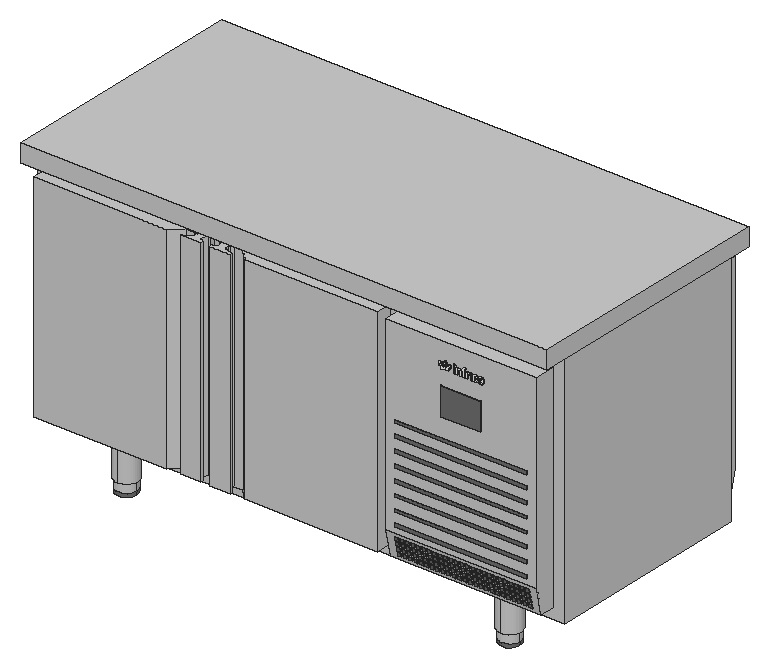
Revit family "QF_INFRICO_BMGN1470PDC_250808012806", category Specialty Equipment, Revit 2021 (continued)
Definition of nested family "QF_INFRICO_BMGNPDC_DOOR_SX_6554"
  Forms (mm)
    Extrusion 1, solid
      sketch origin (2981.326, -698.02, -168.61) x (-1, 0, 0) y (0, -1, 0)
        loop
          arc (2545.222, -672.896) -> (2545.582, -671.631) -> (2546.663, -670.881) r 1.95
          line (2546.663, -670.881) -> (2557.604, -667.95) -> (2580.356, -667.95) -> (2610.426, -698.02)
      from 168.61 to 765.61
    Extrusion 2, solid, visible <- "Show Clearance", detail levels coarse
      sketch origin (0, -44, 0) x (1, 0, 0) y (0, 1, 0)
        loop
          line (0, 44) -> (467, 44)
          arc (467, 44) -> (343.106, 343.106) -> (44, 467) r 423
          line (44, 467) -> (0, 467) -> (0, 44)
      from 0 to 597
  Lines and regions (mm)
    symbolic lines
      curve 1: arc (466.617, 18, 0) -> (336.673, 305.404, 0) -> (44, 423, 0) r 423
      curve 2: line (0, 423, 0) -> (0, 18, 0)
      curve 3: line (44, 423, 0) -> (0, 423, 0)
  Dimensions and locks
    plane 4 "Right" to plane 3 "Left" = 467 mm
    plane 6 "Top" to level = 597 mm  (x2)
    plane 1 "Back" to plane 5 "Front" = 44 mm  (x2)
    plane 3 "Left" to plane 4 "Right" = 467 mm
    aligned and locked: level to plane 2
Definition of nested family "QF_INFRICO_BMGNPDC_DOOR_DX_7331"
  Parameters (values of type "BMGNPDC_DOOR_DX")
    Weight [instance] = 0.00 kg
    Warranty Start Date [instance] = ""
    Warranty Duration [instance] = ""
    URL Cutsheet [instance] = ""
    URL = "www.infrico.com"
    Technical Documentation [instance] = ""
    Tag Number [instance] = ""
    Status [instance] = ""
    Specification by User [instance] = ""
    Specification by Manufacturer [instance] = ""
    Sound Level [instance] = ""
    Solid Fuel Type [instance] = ""
    Show Logo [instance] = yes
    Show Clearances [instance] = yes
    Show Clearance [instance] = yes
    Service Life Duration [instance] = ""
    Serial Number [instance] = ""
    Seismic Rating [instance] = ""
    SMACNA No [instance] = ""
    Revision Code [instance] = ""
    Revision [instance] = ""
    Production Year [instance] = ""
    Point Load [instance] = 0
    Other Equipment Approvals [instance] = ""
    NAFEM Spec ID Number [instance] = ""
    Model Warning [instance] = ""
    Model = "BMGNPDC_DOOR_DX"
    Masterspec [instance] = ""
    Manufacturer = "INFRICO"
    Length Actual [instance] = 0 mm
    Item Number [instance] = ""
    Installed By [instance] = ""
    Installation Date [instance] = ""
    Identify Quantity as Lot [instance] = yes
    ID [instance] = ""
    Hygiene Approval [instance] = ""
    Height Actual [instance] = 0 mm
    Furnished By [instance] = ""
    Foodservice Equipment Identifier [instance] = yes
    ETL Approved [instance] = yes
    Description = "RIGHT DOOR PASS THRU"
    Depth Actual [instance] = 0 mm
    Default Elevation = 0 mm
    CSI MasterFormat [instance] = ""
    CE Approved [instance] = yes
    Barcode [instance] = ""
    Author [instance] = ""
    Asset Identifier [instance] = ""
    Assembly Code = "E1090320"
    Accessory [instance] = yes
  Reference planes
    plane 1 "Back": y = 0
    plane 2: z = 0
    plane 3 "Left": x = 0
    plane 4 "Right": x = 467
    plane 5 "Front": y = -44
    plane 6 "Top": z = 597
  Forms (mm)
    Extrusion 1, solid
      sketch origin (-2514.326, -698.02, -168.61) x (1, 0, 0) y (0, 1, 0)
        loop
          line (2610.426, 698.02) -> (2580.356, 667.95) -> (2557.604, 667.95) -> (2546.663, 670.881)
          arc (2546.663, 670.881) -> (2545.582, 671.631) -> (2545.222, 672.896) r 1.95
          line (2545.222, 672.896) -> (2545.566, 682.741)
          arc (2545.566, 682.741) -> (2545.774, 683.563) -> (2546.304, 684.224) r 2.001
          line (2546.304, 684.224) -> (2571.566, 694.947) -> (2571.566, 698.02) -> (2514.326, 698.02) -> (2514.326, 690.261) -> (2526.525, 683.218) -> (2521.592, 664.81) -> (2514.279, 664.81) -> (2514.279, 654.02) -> (2981.326, 654.02) -> (2981.326, 698.02) -> (2610.426, 698.02)
      from 168.61 to 765.61
    Extrusion 2, solid, visible <- "Show Clearance", detail levels coarse
      sketch origin (467, -44, 0) x (-1, 0, 0) y (0, -1, 0)
        loop
          line (0, -44) -> (0, -467) -> (44, -467)
          arc (44, -467) -> (343.106, -343.106) -> (467, -44) r 423
          line (467, -44) -> (0, -44)
      from 0 to 597
  Lines and regions (mm)
    symbolic lines
      curve 1: arc (0.383, 18, 0) -> (130.327, 305.404, 0) -> (423, 423, 0) r 423
      curve 2: line (467, 423, 0) -> (467, 18, 0)
      curve 3: line (423, 423, 0) -> (467, 423, 0)
  Dimensions and locks
    plane 4 "Right" to plane 3 "Left" = 467 mm
    plane 6 "Top" to level = 597 mm  (x2)
    plane 1 "Back" to plane 5 "Front" = 44 mm  (x2)
    plane 3 "Left" to plane 4 "Right" = 467 mm
    aligned and locked: level to plane 2
Definition of nested family "QF_INFRICO_WORKTOP_8108"
  Parameters (values of type "WRKT20_30")
    Weight [instance] = 0.00 kg
    Warranty Start Date [instance] = ""
    Warranty Duration [instance] = ""
    URL Cutsheet [instance] = ""
    URL = "www.infrico.com"
    Technical Documentation [instance] = ""
    Tag Number [instance] = ""
    Status [instance] = ""
    Specification by User [instance] = ""
    Specification by Manufacturer [instance] = ""
    Sound Level [instance] = ""
    Solid Fuel Type [instance] = ""
    Show Logo [instance] = yes
    Show Clearances [instance] = yes
    Show Clearance [instance] = yes
    Service Life Duration [instance] = ""
    Serial Number [instance] = ""
    Seismic Rating [instance] = ""
    SMACNA No [instance] = ""
    Revision Code [instance] = ""
    Revision [instance] = ""
    Production Year [instance] = ""
    Point Load [instance] = 0
    Other Equipment Approvals [instance] = ""
    NAFEM Spec ID Number [instance] = ""
    Model Warning [instance] = ""
    Model = "WRKT20_30"
    Masterspec [instance] = ""
    Manufacturer = "INFRICO"
    Length Actual [instance] = 0 mm
    Length = 1960 mm
    Item Number [instance] = ""
    Installed By [instance] = ""
    Installation Date [instance] = ""
    Identify Quantity as Lot [instance] = yes
    ID [instance] = ""
    Hygiene Approval [instance] = ""
    Height Actual [instance] = 0 mm
    Furnished By [instance] = ""
    Foodservice Equipment Identifier [instance] = yes
    ETL Approved [instance] = yes
    Description = "WORKTOP WHITOUT BACKSPLASH 2000_300"
    Depth Actual [instance] = 0 mm
    Depth = 300 mm
    Default Elevation = 0 mm
    CSI MasterFormat [instance] = ""
    CE Approved [instance] = yes
    Barcode [instance] = ""
    Author [instance] = ""
    Asset Identifier [instance] = ""
    Assembly Code = "E1090320"
    Accessory [instance] = yes
  Types (38, lengths in mm): name | Model | Length | Description | Depth
    ENC12SPGN19 | "ENC12SPGN19" | 1960 | "WORKTOP WITHOUT BACKSPLASH" | 700
    ENC12SPGN14 | "ENC12SPGN14" | 1468 | "WORKTOP WITHOUT BACKSPLASH" | 700
    ENC12SPGN24 | "ENC12SPGN24" | 2452 | "WORKTOP WITHOUT BACKSPLASH" | 700
    ENC12SPGN14R | "ENC12SPGN14R" | 1160 | "WORKTOP WITHOUT BACKSPLASH" | 700
    ENC12SPGN19R | "ENC12SPGN19R" | 1652 | "WORKTOP WITHOUT BACKSPLASH" | 700
    ENC12SPGN24R | "ENC12SPGN24R" | 2144 | "WORKTOP WITHOUT BACKSPLASH" | 700
    ENC12SPBM20 | "ENC12SPBM20" | 1960 | "WORKTOP WITHOUT BACKSPLASH" | 600
    ENC12SPBM15 | "ENC12SPBM15" | 1468 | "WORKTOP WITHOUT BACKSPLASH" | 600
    ENC12SPBM25 | "ENC12SPBM25" | 2452 | "WORKTOP WITHOUT BACKSPLASH" | 600
    ENC12SPBM15R | "ENC12SPBM15R" | 1160 | "WORKTOP WITHOUT BACKSPLASH" | 600
    ENC12SPBM20R | "ENC12SPBM20R" | 1652 | "WORKTOP WITHOUT BACKSPLASH" | 600
    ENC12SPMR16 | "ENC12SPMR16" | 1618 | "WORKTOP WITHOUT BACKSPLASH" | 800
    ENC12SPMR21 | "ENC12SPMR21" | 2185 | "WORKTOP WITHOUT BACKSPLASH" | 800
    ENC12SPMR27 | "ENC12SPMR27" | 2752 | "WORKTOP WITHOUT BACKSPLASH" | 800
    ENC12SPMR16R | "ENC12SPMR16R" | 1310 | "WORKTOP WITHOUT BACKSPLASH" | 800
    ENC12SPMR21R | "ENC12SPMR21R" | 1877 | "WORKTOP WITHOUT BACKSPLASH" | 800
    ENC12SPMR27R | "ENC12SPMR27R" | 2444 | "WORKTOP WITHOUT BACKSPLASH" | 800
    ENC12SPBM25R | "ENC12SPBM25R" | 2144 | "WORKTOP WITHOUT BACKSPLASH" | 600
    ENC12SPMS20 | "ENC12SPMS20" | 2000 | "WORKTOP WITHOUT BACKSPLASH" | 700
    ENC12SPMS24 | "ENC12SPMS24" | 2400 | "WORKTOP WITHOUT BACKSPLASH" | 700
    ENC12SPMS10 | "ENC12SPMS10" | 1000 | "WORKTOP WITHOUT BACKSPLASH" | 700
    ENC12SPMS14 | "ENC12SPMS14" | 1400 | "WORKTOP WITHOUT BACKSPLASH" | 700
    ENC12SPMS16 | "ENC12SPMS16" | 1600 | "WORKTOP WITHOUT BACKSPLASH" | 700
    ENC12SPME10 | "ENC12SPME10" | 978 | "WORKTOP WITHOUT BACKSPLASH" | 700
    ENC12SPME14 | "ENC12SPME14" | 1460 | "WORKTOP WITHOUT BACKSPLASH" | 700
    WRKT10_30 | "WRKT10_30" | 1000 | "WORKTOP WHITOUT BACKSPLASH 1000_300" | 300
    WRKT10_60 | "WRKT10_60" | 1000 | "WORKTOP WHITOUT BACKSPLASH 1000_600" | 600
    WRKT15_30 | "WRKT15_30" | 1468 | "WORKTOP WHITOUT BACKSPLASH 1500_300" | 300
    WRKT15_60 | "WRKT15_60" | 1468 | "WORKTOP WHITOUT BACKSPLASH 1500_600" | 600
    WRKT20_30 | "WRKT20_30" | 1960 | "WORKTOP WHITOUT BACKSPLASH 2000_300" | 300
    WRKT20_60 | "WRKT20_60" | 1960 | "WORKTOP WHITOUT BACKSPLASH 2000_600" | 600
    WRKT25_30 | "WRKT25_30" | 2452 | "WORKTOP WHITOUT BACKSPLASH 2500_300" | 300
    WRKT25_60 | "WRKT25_60" | 2452 | "WORKTOP WHITOUT BACKSPLASH 2500_600" | 600
    WRKT15_60_MT | "WRKT15_60_MT" | 1500 | "WORKTOP WHITOUT BACKSPLASH 1500_600" | 600
    WRKT15_70_MT | "WRKT15_70_MT" | 1500 | "WORKTOP WHITOUT BACKSPLASH 1500_700" | 700
    WRKT20_70_MT | "WRKT20_70_MT" | 2000 | "WORKTOP WHITOUT BACKSPLASH 2000_700" | 700
    WRKT20_60_MT | "WRKT20_60_MT" | 2000 | "WORKTOP WHITOUT BACKSPLASH 2000_600" | 600
    WRKT10_70_MT | "WRKT10_70_MT" | 1000 | "WORKTOP WHITOUT BACKSPLASH 1000_700" | 700
  Reference planes
    plane 1 "Back": y = 0
    plane 2: z = 0
    plane 3 "Left": x = 0
    plane 4 "Right": x = 1960
    plane 5 "Front": y = -300
    plane 6 "Top": z = 50
  Forms (mm)
    Extrusion 1, solid
      sketch origin (0, 0, -800) x (0, 1, 0) y (0, 0, 1)
        loop
          line (0, 850) -> (-300, 850) -> (-300, 800) -> (0, 800) -> (0, 850)
      from 0 to 1960
  Lines and regions (mm)
    symbolic lines
      curve 1: line (1960, 0, 0) -> (0, 0, 0)
      curve 2: line (0, 0, 0) -> (0, -300, 0)
      curve 3: line (0, -300, 0) -> (1960, -300, 0)
      curve 4: line (1960, -300, 0) -> (1960, 0, 0)
  Dimensions and locks
    plane 4 "Right" to plane 3 "Left" = 1960 mm
    plane 6 "Top" to level = 50 mm
    plane 1 "Back" to plane 5 "Front" = 300 mm
    "Length": plane 3 "Left" to plane 4 "Right"
    "Depth": plane 1 "Back" to plane 5 "Front"
    aligned and locked: level to plane 2
    aligned and locked: Extrusion 1 to plane 4 "Right"
  Automatic sketch dimensions
    plane 1 "Back" to curve 1 = 0 mm
    curve 1 to plane 3 "Left" = 0 mm
    curve 3 to plane 4 "Right" = 0 mm
    curve 3 to plane 5 "Front" = 0 mm
    Extrusion 1 sketch curve to plane 5 "Front" = 0 mm
    Extrusion 1 sketch curve to level = 0 mm
    Extrusion 1 sketch curve to plane 1 "Back" = 0 mm
    Extrusion 1 sketch curve to plane 6 "Top" = 0 mm
Definition of nested family "QF_INFRICO_LEGS_8952"
  Parameters (values of type "LEGS_2190_740")
    Weight [instance] = 0.00 kg
    Warranty Start Date [instance] = ""
    Warranty Duration [instance] = ""
    URL Cutsheet [instance] = ""
    URL = "www.infrico.com"
    Technical Documentation [instance] = ""
    Tag Number [instance] = ""
    Status [instance] = ""
    Specification by User [instance] = ""
    Specification by Manufacturer [instance] = ""
    Sound Level [instance] = ""
    Solid Fuel Type [instance] = ""
    Show Logo [instance] = yes
    Show Clearances [instance] = yes
    Show Clearance [instance] = yes
    Service Life Duration [instance] = ""
    Serial Number [instance] = ""
    Seismic Rating [instance] = ""
    SMACNA No [instance] = ""
    Revision Code [instance] = ""
    Revision [instance] = ""
    Production Year [instance] = ""
    Point Load [instance] = 0
    Other Equipment Approvals [instance] = ""
    NAFEM Spec ID Number [instance] = ""
    Model Warning [instance] = ""
    Model = "LEGS_2190_740"
    Masterspec [instance] = ""
    Manufacturer = "INFRICO"
    Length Actual [instance] = 0 mm
    Length = 2185 mm
    Item Number [instance] = ""
    Installed By [instance] = ""
    Installation Date [instance] = ""
    Identify Quantity as Lot [instance] = yes
    ID [instance] = ""
    Hygiene Approval [instance] = ""
    Height Actual [instance] = 0 mm
    Height = 140 mm
    Furnished By [instance] = ""
    Foodservice Equipment Identifier [instance] = yes
    ETL Approved [instance] = yes
    Description = "LEGS"
    Depth Actual [instance] = 0 mm
    Depth = 738 mm
    Default Elevation = 0 mm
    CentralLegs = if(or(Length > 2200 mm, Length = 2144 mm), 2 > 1, 2 < 1)  # no
    CSI MasterFormat [instance] = ""
    CE Approved [instance] = yes
    Barcode [instance] = ""
    Author [instance] = ""
    Asset Identifier [instance] = ""
    Assembly Code = "E1090320"
    Accessory [instance] = yes
  Types (29, lengths in mm): name | Model | Length | Height | Depth | CentralLegs
    LEGS_1960_700 | "LEGS_1960_700" | 1960 | 140 | 700 | no
    LEGS_1470_700 | "LEGS_1470_700" | 1468 | 140 | 700 | no
    LEGS_2450_700 | "LEGS_2450_700" | 2452 | 140 | 700 | yes
    LEGS_1470_600 | "LEGS_1470_600" | 1468 | 140 | 600 | no
    LEGS_1960_600 | "LEGS_1960_600" | 1960 | 140 | 600 | no
    LEGS_2450_600 | "LEGS_2450_600" | 2452 | 140 | 600 | yes
    LEGS_1610_800 | "LEGS_1610_800" | 1618 | 140 | 800 | no
    LEGS_2190_800 | "LEGS_2190_800" | 2185 | 140 | 800 | no
    LEGS_2750_800 | "LEGS_2750_800" | 2752 | 140 | 800 | yes
    LEGS_1160_700 | "LEGS_1160_700" | 1160 | 140 | 700 | no
    LEGS_1650_700 | "LEGS_1650_700" | 1652 | 140 | 700 | no
    LEGS_2140_700 | "LEGS_2140_700" | 2144 | 140 | 700 | yes
    LEGS_1960_640 | "LEGS_1960_640" | 1960 | 140 | 638 | no
    LEGS_1470_640 | "LEGS_1470_640" | 1468 | 140 | 638 | no
    LEGS_1160_600 | "LEGS_1160_600" | 1160 | 140 | 600 | no
    LEGS_1650_600 | "LEGS_1650_600" | 1652 | 140 | 600 | no
    LEGS_1310_800 | "LEGS_1310_800" | 1310 | 140 | 800 | no
    LEGS_1890_800 | "LEGS_1890_800" | 1877 | 140 | 800 | no
    LEGS_2440_800 | "LEGS_2440_800" | 2444 | 140 | 800 | yes
    LEGS_1610_740 | "LEGS_1610_740" | 1618 | 140 | 738 | no
    LEGS_2190_740 | "LEGS_2190_740" | 2185 | 140 | 738 | no
    LEGS_2140_600 | "LEGS_2140_600" | 2144 | 140 | 600 | yes
    LEGS_980_800 | "LEGS_980_800" | 980 | 150 | 800 | no
    LEGS_1470_800 | "LEGS_1470_800" | 1468 | 150 | 800 | no
    LEGS_1740_800 | "LEGS_1740_800" | 1738 | 140 | 800 | no
    LEGS_2300_800 | "LEGS_2300_800" | 2305 | 140 | 800 | yes
    LEGS_1690_800 | "LEGS_1690_800" | 1693 | 140 | 800 | no
    LEGS_2260_800 | "LEGS_2260_800" | 2260 | 140 | 800 | yes
    LEGS_1460_700 | "LEGS_1460_700" | 1460 | 140 | 700 | no
  Reference planes
    plane 1 "Back": y = 0
    plane 2: z = 0
    plane 3 "Left": x = 0
    plane 4 "Right": x = 2185
    plane 5 "Front": y = -738
    plane 6 "Top": z = 140
    plane 7 "Central": x = 1092.5
  Forms (mm)
    Extrusion 1, solid
      sketch origin (0, 0, 140) x (0, 1, 0) y (-1, 0, 0)
        loop
          line (-568, -154.986) -> (-668, -154.986) -> (-668, -244.986) -> (-568, -244.986) -> (-568, -154.986)
      from 0 to -3
    Extrusion 2, solid
      sketch origin (0, 0, 0) x (1, 0, 0) y (0, 1, 0)
        loop
          circle (199.986, -618) r 28
      from 9 to 35
    Extrusion 3, solid
      sketch origin (0, 0, 0) x (1, 0, 0) y (0, 1, 0)
        loop
          circle (199.986, -618) r 28.5
      from 0 to 9
    Sweep 4, solid
      path origin (0, 0, 0) x (0, 1, 0) y (0, 0, 1)
        loop
          line (-618, 35) -> (-618, 137)
      profile origin (0, -618, 86) x (0, -1, 0) y (1, 0, 0)
        loop
          circle (0, 199.986) r 32
    Extrusion 5, solid
      sketch origin (0, 500, 140) x (0, 1, 0) y (-1, 0, 0)
        loop
          line (-530, -154.986) -> (-630, -154.986) -> (-630, -244.986) -> (-530, -244.986) -> (-530, -154.986)
      from 0 to -3
    Extrusion 6, solid
      sketch origin (0, 500, 0) x (1, 0, 0) y (0, 1, 0)
        loop
          circle (199.986, -580) r 28
      from 9 to 35
    Extrusion 7, solid
      sketch origin (0, 500, 0) x (1, 0, 0) y (0, 1, 0)
        loop
          circle (199.986, -580) r 28.5
      from 0 to 9
    Sweep 8, solid
      path origin (0, 500, 0) x (0, 1, 0) y (0, 0, 1)
        loop
          line (-580, 35) -> (-580, 137)
      profile origin (0, -80, 86) x (0, -1, 0) y (1, 0, 0)
        loop
          circle (0, 199.986) r 32
    Extrusion 9, solid
      sketch origin (1560, 0, 140) x (0, 1, 0) y (-1, 0, 0)
        loop
          line (-568, -379.986) -> (-668, -379.986) -> (-668, -469.986) -> (-568, -469.986) -> (-568, -379.986)
      from 0 to -3
    Extrusion 10, solid
      sketch origin (1560, 0, 0) x (1, 0, 0) y (0, 1, 0)
        loop
          circle (424.986, -618) r 28
      from 9 to 35
    Extrusion 11, solid
      sketch origin (1560, 0, 0) x (1, 0, 0) y (0, 1, 0)
        loop
          circle (424.986, -618) r 28.5
      from 0 to 9
    Sweep 12, solid
      path origin (2185, 0, 0) x (0, -1, 0) y (0, 0, 1)
        loop
          line (618, 35) -> (618, 137)
      profile origin (2185, -618, 86) x (0, 1, 0) y (-1, 0, 0)
        loop
          circle (0, 199.986) r 32
    Extrusion 13, solid
      sketch origin (1560, 500, 140) x (0, 1, 0) y (-1, 0, 0)
        loop
          line (-530, -379.986) -> (-630, -379.986) -> (-630, -469.986) -> (-530, -469.986) -> (-530, -379.986)
      from 0 to -3
    Extrusion 14, solid
      sketch origin (1560, 500, 0) x (1, 0, 0) y (0, 1, 0)
        loop
          circle (424.986, -580) r 28
      from 9 to 35
    Extrusion 15, solid
      sketch origin (1560, 500, 0) x (1, 0, 0) y (0, 1, 0)
        loop
          circle (424.986, -580) r 28.5
      from 0 to 9
    Sweep 16, solid
      path origin (2185, 0, 0) x (0, -1, 0) y (0, 0, 1)
        loop
          line (80, 35) -> (80, 137)
      profile origin (2185, -80, 86) x (0, 1, 0) y (-1, 0, 0)
        loop
          circle (0, 199.986) r 32
    Extrusion 17, solid, visible <- "CentralLegs"
      sketch origin (534.014, 0, 140) x (0, 1, 0) y (-1, 0, 0)
        loop
          line (-568, -513.486) -> (-668, -513.486) -> (-668, -603.486) -> (-568, -603.486) -> (-568, -513.486)
      from 0 to -3
    Extrusion 18, solid, visible <- "CentralLegs"
      sketch origin (534.014, 0, 0) x (1, 0, 0) y (0, 1, 0)
        loop
          circle (558.486, -618) r 28
      from 9 to 35
    Extrusion 19, solid, visible <- "CentralLegs"
      sketch origin (534.014, 0, 0) x (1, 0, 0) y (0, 1, 0)
        loop
          circle (558.486, -618) r 28.5
      from 0 to 9
    Sweep 20, solid, visible <- "CentralLegs"
      path origin (1092.5, 0, 0) x (0, -1, 0) y (0, 0, 1)
        loop
          line (618, 35) -> (618, 137)
      profile origin (1092.5, -618, 86) x (0, 1, 0) y (-1, 0, 0)
        loop
          circle (0, -0.014) r 32
    Extrusion 21, solid, visible <- "CentralLegs"
      sketch origin (534.014, 500, 140) x (0, 1, 0) y (-1, 0, 0)
        loop
          line (-530, -513.486) -> (-630, -513.486) -> (-630, -603.486) -> (-530, -603.486) -> (-530, -513.486)
      from 0 to -3
    Extrusion 22, solid, visible <- "CentralLegs"
      sketch origin (534.014, 500, 0) x (1, 0, 0) y (0, 1, 0)
        loop
          circle (558.486, -580) r 28
      from 9 to 35
    Extrusion 23, solid, visible <- "CentralLegs"
      sketch origin (534.014, 500, 0) x (1, 0, 0) y (0, 1, 0)
        loop
          circle (558.486, -580) r 28.5
      from 0 to 9
    Sweep 24, solid, visible <- "CentralLegs"
      path origin (1092.5, 0, 0) x (0, -1, 0) y (0, 0, 1)
        loop
          line (80, 35) -> (80, 137)
      profile origin (1092.5, -80, 86) x (0, 1, 0) y (-1, 0, 0)
        loop
          circle (0, -0.014) r 32
  Dimensions and locks
    "Length": plane 3 "Left" to plane 4 "Right"
    "Depth": plane 1 "Back" to plane 5 "Front"
    "Height": plane 6 "Top" to plane 2
    equal spacing: plane 3 "Left", plane 7 "Central", plane 4 "Right"
    locked: Sweep 20 sketch curve to profile plane at 0.014
    locked: Sweep 24 sketch curve to profile plane at 0.014
    aligned and locked: level to plane 2
  Automatic sketch dimensions
    plane 5 "Front" to Extrusion 1 sketch curve = 70 mm
    Extrusion 1 sketch curve to Extrusion 1 sketch curve = 100 mm
    plane 3 "Left" to Extrusion 1 sketch curve = 244.986 mm
    Extrusion 1 sketch curve to Extrusion 1 sketch curve = 90 mm
    plane 3 "Left" to Extrusion 2 sketch curve = 199.986 mm
    plane 5 "Front" to Extrusion 2 sketch curve = 120 mm
    plane 3 "Left" to Extrusion 3 sketch curve = 199.986 mm
    plane 5 "Front" to Extrusion 3 sketch curve = 120 mm
    Sweep 4 sketch curve to plane 6 "Top" = 3 mm
    plane 5 "Front" to Sweep 4 sketch curve = 120 mm
    level to Sweep 4 sketch curve = 35 mm
    Sweep 4 sketch curve to profile plane = 0 mm
    plane 3 "Left" to Sweep 4 sketch curve = 199.986 mm
    plane 1 "Back" to Extrusion 5 sketch curve = 130 mm
    plane 1 "Back" to Extrusion 5 sketch curve = 30 mm
    plane 3 "Left" to Extrusion 5 sketch curve = 244.986 mm
    Extrusion 5 sketch curve to Extrusion 5 sketch curve = 90 mm
    plane 1 "Back" to Extrusion 6 sketch curve = 80 mm
    plane 3 "Left" to Extrusion 6 sketch curve = 199.986 mm
    plane 1 "Back" to Extrusion 7 sketch curve = 80 mm
    plane 3 "Left" to Extrusion 7 sketch curve = 199.986 mm
    Sweep 8 sketch curve to plane 6 "Top" = 3 mm
    plane 1 "Back" to Sweep 8 sketch curve = 80 mm
    level to Sweep 8 sketch curve = 35 mm
    Sweep 8 sketch curve to profile plane = 0 mm
    plane 3 "Left" to Sweep 8 sketch curve = 199.986 mm
    plane 5 "Front" to Extrusion 9 sketch curve = 70 mm
    Extrusion 9 sketch curve to Extrusion 9 sketch curve = 100 mm
    plane 4 "Right" to Extrusion 9 sketch curve = 155.014 mm
    Extrusion 9 sketch curve to Extrusion 9 sketch curve = 90 mm
    plane 4 "Right" to Extrusion 10 sketch curve = 200.014 mm
    plane 5 "Front" to Extrusion 10 sketch curve = 120 mm
    plane 4 "Right" to Extrusion 11 sketch curve = 200.014 mm
    plane 5 "Front" to Extrusion 11 sketch curve = 120 mm
    Sweep 12 sketch curve to profile plane = 0 mm
    profile plane to Sweep 12 sketch curve = 199.986 mm
    plane 1 "Back" to Extrusion 13 sketch curve = 130 mm
    plane 1 "Back" to Extrusion 13 sketch curve = 30 mm
    plane 4 "Right" to Extrusion 13 sketch curve = 155.014 mm
    Extrusion 13 sketch curve to Extrusion 13 sketch curve = 90 mm
    plane 1 "Back" to Extrusion 14 sketch curve = 80 mm
    plane 4 "Right" to Extrusion 14 sketch curve = 200.014 mm
    plane 1 "Back" to Extrusion 15 sketch curve = 80 mm
    plane 4 "Right" to Extrusion 15 sketch curve = 200.014 mm
    Sweep 16 sketch curve to profile plane = 0 mm
    profile plane to Sweep 16 sketch curve = 199.986 mm
    plane 5 "Front" to Extrusion 17 sketch curve = 70 mm
    Extrusion 17 sketch curve to plane 7 "Central" = 45 mm
    Extrusion 17 sketch curve to Extrusion 17 sketch curve = 100 mm
    plane 7 "Central" to Extrusion 17 sketch curve = 45 mm
    Extrusion 18 sketch curve to plane 7 "Central" = 0 mm
    plane 5 "Front" to Extrusion 18 sketch curve = 120 mm
    Extrusion 19 sketch curve to plane 7 "Central" = 0 mm
    plane 5 "Front" to Extrusion 19 sketch curve = 120 mm
    Sweep 20 sketch curve to profile plane = 0 mm
    plane 7 "Central" to Extrusion 21 sketch curve = 45 mm
    plane 1 "Back" to Extrusion 21 sketch curve = 130 mm
    plane 1 "Back" to Extrusion 21 sketch curve = 30 mm
    Extrusion 21 sketch curve to plane 7 "Central" = 45 mm
    Extrusion 22 sketch curve to plane 7 "Central" = 0 mm
    plane 1 "Back" to Extrusion 22 sketch curve = 80 mm
    Extrusion 23 sketch curve to plane 7 "Central" = 0 mm
    plane 1 "Back" to Extrusion 23 sketch curve = 80 mm
    Sweep 24 sketch curve to profile plane = 0 mm
    Sweep 16 sketch curve to plane 6 "Top" = 3 mm
    plane 1 "Back" to Sweep 16 sketch curve = 80 mm
    level to Sweep 16 sketch curve = 35 mm
    Sweep 12 sketch curve to plane 6 "Top" = 3 mm
    plane 5 "Front" to Sweep 12 sketch curve = 120 mm
    level to Sweep 12 sketch curve = 35 mm
    Sweep 20 sketch curve to plane 6 "Top" = 3 mm
    plane 5 "Front" to Sweep 20 sketch curve = 120 mm
    level to Sweep 20 sketch curve = 35 mm
    Sweep 24 sketch curve to plane 6 "Top" = 3 mm
    plane 1 "Back" to Sweep 24 sketch curve = 80 mm
    level to Sweep 24 sketch curve = 35 mm
    radius of Extrusion 2 sketch curve = 28 mm
    radius of Extrusion 3 sketch curve = 28.5 mm
    radius of Sweep 4 sketch curve = 32 mm
    radius of Extrusion 6 sketch curve = 28 mm
    radius of Extrusion 7 sketch curve = 28.5 mm
    radius of Sweep 8 sketch curve = 32 mm
    radius of Extrusion 10 sketch curve = 28 mm
    radius of Extrusion 11 sketch curve = 28.5 mm
    radius of Sweep 12 sketch curve = 32 mm
    radius of Extrusion 14 sketch curve = 28 mm
    radius of Extrusion 15 sketch curve = 28.5 mm
    radius of Sweep 16 sketch curve = 32 mm
    radius of Extrusion 18 sketch curve = 28 mm
    radius of Extrusion 19 sketch curve = 28.5 mm
    radius of Sweep 20 sketch curve = 32 mm
    radius of Extrusion 22 sketch curve = 28 mm
    radius of Extrusion 23 sketch curve = 28.5 mm
    radius of Sweep 24 sketch curve = 32 mm
Definition of nested family "CONN_POINT_DRAIN_2D___Generic_Annotation"
  Parameters (values of type "CONN_POINT_DRAIN_2D___Generic_Annotation")
    Onboard connection annotation symbol visibility [instance] = yes
  Reference planes
    plane 1: y = 0
    plane 2: x = 0
  Lines and regions (mm)
    detail lines, visible <- "Onboard connection annotation symbol visibility"
      curve 1: circle (0, 0, 0) r 0.5 normal (0, 0, 1)
      curve 2: line (-1, 0, 0) -> (1, 0, 0)
      curve 3: line (0, 1, 0) -> (0, -1, 0)
      curve 4: line (1.776, 1, 0) -> (1.25, 1, 0)
      curve 5: line (1.25, 1, 0) -> (1.25, -1, 0)
      curve 6: line (1.25, -1, 0) -> (1.776, -1, 0)
      curve 7: arc (2.206, -0.862, 0) -> (2.459, -0.589, 0) -> (2.583, -0.238, 0) r 0.918
      curve 8: arc (2.583, 0.238, 0) -> (2.459, 0.589, 0) -> (2.206, 0.862, 0) r 0.918
      curve 9: arc (2.583, -0.238, 0) -> (2.599, 0, 0) -> (2.583, 0.238, 0) r 1.77
      curve 10: arc (2.206, 0.862, 0) -> (2.002, 0.965, 0) -> (1.776, 1, 0) r 0.741
      curve 11: arc (1.776, -1, 0) -> (2.002, -0.965, 0) -> (2.206, -0.862, 0) r 0.741
Definition of nested family "CONN_POINT_ELE_2D___Generic_Annotation"
  Parameters (values of type "CONN_POINT_ELE_2D___Generic_Annotation")
    Onboard connection annotation symbol visibility [instance] = yes
  Reference planes
    plane 1: y = 0
    plane 2: x = 0
  Lines and regions (mm)
    detail lines, visible <- "Onboard connection annotation symbol visibility"
      curve 1: circle (0, 0, 0) r 0.5 normal (0, 0, 1)
      curve 2: line (-1, 0, 0) -> (1, 0, 0)
      curve 3: line (0, 1, 0) -> (0, -1, 0)
      curve 4: line (2.5, 1, 0) -> (1.25, 1, 0)
      curve 5: line (1.25, 1, 0) -> (1.25, -1, 0)
      curve 6: line (1.25, -1, 0) -> (2.5, -1, 0)
      curve 7: line (1.25, 0, 0) -> (2, 0, 0)
